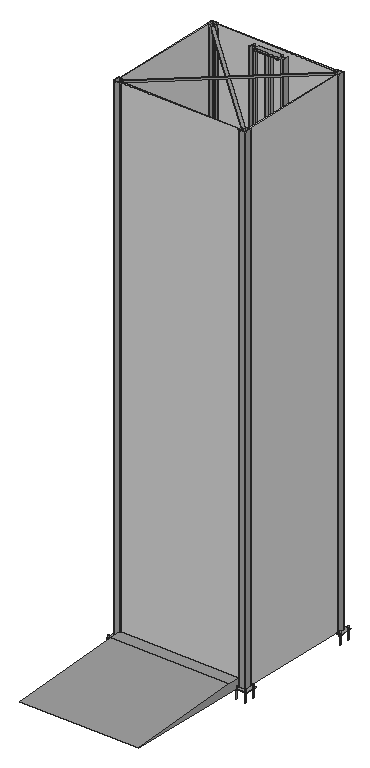
Revit family "SE_Trez_TC_T_1000_With_Ramp", category Specialty Equipment, Revit 2019
Family settings
  Round Connector Dimension = Use Diameter
  Part Type = Normal
  Work Plane-Based = No
  Always vertical = Yes
  Cut with Voids When Loaded = Yes
  Shared = No
  Room Calculation Point = No
Parameters (values of type "Platform-1800x1400mm with Door Height 2500mm")
  Side Clearance = 105.0 mm  # constant formula
  Safe Working Load = 1000.00 kg  # constant formula
  Safe Space = if(Cabin or Platform = Cabin, 900.0 mm, if(and(Cabin or Platform = Platform, Door Clear Height > 1900.0 mm), 600.0 mm, 0.0 mm))  # 600.0 mm
  Platform = Speciality_Equipment_Trez_Platform_Sgl_C : Platform
  Door Clear Width = Real Width  # 1800.0 mm
  Door Clear Height = 2500.0 mm
  D-Side = yes
  Clear Width = 1800.0 mm
  URL = "https://trez.bg/en/products/goods-only-lift-tc/tc-t-tower/"
  Tower Width = Real Width + 2 * Side Clearance  # 2010.0 mm
  Tower Depth = Real Depth + Side Clearance + Clearance  # 1870.0 mm
  Tower Cladding Material = TREZ_Steel_Cladding
  Real Width = if(Clear Width < 850.0 mm, 850.0 mm, if(Clear Width > 1800.0 mm, 1800.0 mm, Clear Width))  # 1800.0 mm
  Real Depth = if(Clear Depth < 850.0 mm, 850.0 mm, if(Clear Depth > 1400.0 mm, 1400.0 mm, Clear Depth))  # 1400.0 mm
  Profiles Material = TREZ_Steel
  Platform Material = TREZ_Steel
  Ramp Height = 120.0 mm  # constant formula
  Travel = 4500.0 mm
  Rail Height = Travel + Headroom  # 7600.0 mm
  Model = "TC T 1000"
  Manufacturer = "TREZ Ltd."
  Headroom = Door Clear Height + Safe Space  # 3100.0 mm
  Description = "TC T is the best choice when the budget is small, but the safety requirements are high. TC T is not fixed forever to the building. It can be installed directly on the ground floor and later dismounted and installed in another place. The TC T complies with the machinery directive 2006/42/EC. From the menu below, you can choose the lift and the tower options to fit perfectly for your project."  # constant formula
  Clear Depth = 1400.0 mm
  Created By URL = "https://all1studio.com/"
  Created By = "All 1 Studio Ltd."
  Clearance = 365.0 mm  # constant formula
  Cabin or Platform = Speciality_Equipment_Trez_Platform_Sgl_C : Platform
  Cabin = Speciality_Equipment_Trez_Cabin_Sgl_C : Cabin
  C-Side = 1 = 1  # yes
  B-Side = yes
  A-Side = no
Reference planes
  plane 1 "Center (Front/Back)": y = 0
  plane 2: z = 0
  plane 3 "Center (Left/Right)": x = 0
  plane 4: x = -900
  plane 5: x = 900
  plane 6: y = 700
  plane 7: y = -700
  plane 8: x = 1005
  plane 9: y = 1065
  plane 10: x = -1005
  plane 11: y = -805
  plane 12: x = 950
  plane 13: x = -950
  plane 14: y = 1010
  plane 15: y = -750
  plane 16: z = 4500
  plane 17 "Top of Lift": z = 7600
  plane 18 "Ramp": z = 120
  plane 19: x = -958.5
  plane 20: x = 958.5
  plane 21: x = -989.032
  plane 22: x = -971.032
  plane 23: y = 1049
  plane 24: y = 1031
  plane 25: x = 989
  plane 26: x = 971
  plane 27: y = -789
  plane 28: y = -771
  plane 29: x = -1065
  plane 30: y = 1125
  plane 31: x = 1065
  plane 32: y = -865
  plane 33: z = 7540
  plane 34: z = 40
  plane 35: z = -145
  plane 36: y = 878.5
  plane 37: y = 1275
  plane 38: x = -900
  plane 39: y = -700
  plane 40: x = 900
  plane 41: y = 960
Forms (mm)
  Extrusion 1, solid, material "TREZ_Steel_Cladding" <- "Tower Cladding Material", detail levels coarse+medium
    sketch origin (0, 0, 0) x (1, 0, 0) y (0, 1, 0)
      loop
        line (-1005, -805) -> (-900, -805) -> (-900, -789) -> (900, -789) -> (900, -805) -> (1005, -805) -> (1005, -700) -> (989, -700) -> (989, 960) -> (1005, 960) -> (1005, 1065) -> (900, 1065) -> (900, 1049) -> (-900, 1049) -> (-900, 1065) -> (-1005, 1065) -> (-1005, 960) -> (-989.032, 960) -> (-989.032, -700) -> (-1005, -700) -> (-1005, -805)
      loop
        line (-950, -750) -> (-900, -750) -> (-900, -771) -> (900, -771) -> (900, -750) -> (950, -750) -> (950, -700) -> (971, -700) -> (971, 960) -> (950, 960) -> (950, 1010) -> (900, 1010) -> (900, 1031) -> (-900, 1031) -> (-900, 1010) -> (-950, 1010) -> (-950, 960) -> (-971.032, 960) -> (-971.032, -700) -> (-950, -700) -> (-950, -750)
    from 0 to 7600
  Extrusion 2, solid, material "TREZ_Steel" <- "Profiles Material", detail levels fine
    sketch origin (0, 0, 0) x (1, 0, 0) y (0, 1, 0)
      loop
        arc (-1005, -798) -> (-1002.95, -802.95) -> (-998, -805) r 7
        line (-998, -805) -> (-907, -805)
        arc (-907, -805) -> (-902.05, -802.95) -> (-900, -798) r 7
        line (-900, -798) -> (-900, -757)
        arc (-900, -757) -> (-902.05, -752.05) -> (-907, -750) r 7
        line (-907, -750) -> (-943, -750)
        arc (-943, -750) -> (-947.95, -747.95) -> (-950, -743) r 7
        line (-950, -743) -> (-950, -707)
        arc (-950, -707) -> (-952.05, -702.05) -> (-957, -700) r 7
        line (-957, -700) -> (-998, -700)
        arc (-998, -700) -> (-1002.95, -702.05) -> (-1005, -707) r 7
        line (-1005, -707) -> (-1005, -798)
      loop
        line (-903, -798) -> (-903, -757)
        arc (-903, -757) -> (-904.172, -754.172) -> (-907, -753) r 4
        line (-907, -753) -> (-943, -753)
        arc (-943, -753) -> (-950.071, -750.071) -> (-953, -743) r 10
        line (-953, -743) -> (-953, -707)
        arc (-953, -707) -> (-954.172, -704.172) -> (-957, -703) r 4
        line (-957, -703) -> (-998, -703)
        arc (-998, -703) -> (-1000.828, -704.172) -> (-1002, -707) r 4
        line (-1002, -707) -> (-1002, -798)
        arc (-1002, -798) -> (-1000.828, -800.828) -> (-998, -802) r 4
        line (-998, -802) -> (-907, -802)
        arc (-907, -802) -> (-904.172, -800.828) -> (-903, -798) r 4
      loop
        line (1005, -798) -> (1005, -707)
        arc (1005, -707) -> (1002.95, -702.05) -> (998, -700) r 7
        line (998, -700) -> (957, -700)
        arc (957, -700) -> (952.05, -702.05) -> (950, -707) r 7
        line (950, -707) -> (950, -743)
        arc (950, -743) -> (947.95, -747.95) -> (943, -750) r 7
        line (943, -750) -> (907, -750)
        arc (907, -750) -> (902.05, -752.05) -> (900, -757) r 7
        line (900, -757) -> (900, -798)
        arc (900, -798) -> (902.05, -802.95) -> (907, -805) r 7
        line (907, -805) -> (998, -805)
        arc (998, -805) -> (1002.95, -802.95) -> (1005, -798) r 7
      loop
        arc (903, -798) -> (904.172, -800.828) -> (907, -802) r 4
        line (907, -802) -> (998, -802)
        arc (998, -802) -> (1000.828, -800.828) -> (1002, -798) r 4
        line (1002, -798) -> (1002, -707)
        arc (1002, -707) -> (1000.828, -704.172) -> (998, -703) r 4
        line (998, -703) -> (957, -703)
        arc (957, -703) -> (954.172, -704.172) -> (953, -707) r 4
        line (953, -707) -> (953, -743)
        arc (953, -743) -> (950.071, -750.071) -> (943, -753) r 10
        line (943, -753) -> (907, -753)
        arc (907, -753) -> (904.172, -754.172) -> (903, -757) r 4
        line (903, -757) -> (903, -798)
      loop
        line (-1005, 1058) -> (-1005, 967)
        arc (-1005, 967) -> (-1002.95, 962.05) -> (-998, 960) r 7
        line (-998, 960) -> (-957, 960)
        arc (-957, 960) -> (-952.05, 962.05) -> (-950, 967) r 7
        line (-950, 967) -> (-950, 1003)
        arc (-950, 1003) -> (-947.95, 1007.95) -> (-943, 1010) r 7
        line (-943, 1010) -> (-907, 1010)
        arc (-907, 1010) -> (-902.05, 1012.05) -> (-900, 1017) r 7
        line (-900, 1017) -> (-900, 1058)
        arc (-900, 1058) -> (-902.05, 1062.95) -> (-907, 1065) r 7
        line (-907, 1065) -> (-998, 1065)
        arc (-998, 1065) -> (-1002.95, 1062.95) -> (-1005, 1058) r 7
      loop
        arc (-903, 1058) -> (-904.172, 1060.828) -> (-907, 1062) r 4
        line (-907, 1062) -> (-998, 1062)
        arc (-998, 1062) -> (-1000.828, 1060.828) -> (-1002, 1058) r 4
        line (-1002, 1058) -> (-1002, 967)
        arc (-1002, 967) -> (-1000.828, 964.172) -> (-998, 963) r 4
        line (-998, 963) -> (-957, 963)
        arc (-957, 963) -> (-954.172, 964.172) -> (-953, 967) r 4
        line (-953, 967) -> (-953, 1003)
        arc (-953, 1003) -> (-950.071, 1010.071) -> (-943, 1013) r 10
        line (-943, 1013) -> (-907, 1013)
        arc (-907, 1013) -> (-904.172, 1014.172) -> (-903, 1017) r 4
        line (-903, 1017) -> (-903, 1058)
      loop
        arc (1005, 1058) -> (1002.95, 1062.95) -> (998, 1065) r 7
        line (998, 1065) -> (907, 1065)
        arc (907, 1065) -> (902.05, 1062.95) -> (900, 1058) r 7
        line (900, 1058) -> (900, 1017)
        arc (900, 1017) -> (902.05, 1012.05) -> (907, 1010) r 7
        line (907, 1010) -> (943, 1010)
        arc (943, 1010) -> (947.95, 1007.95) -> (950, 1003) r 7
        line (950, 1003) -> (950, 967)
        arc (950, 967) -> (952.05, 962.05) -> (957, 960) r 7
        line (957, 960) -> (998, 960)
        arc (998, 960) -> (1002.95, 962.05) -> (1005, 967) r 7
        line (1005, 967) -> (1005, 1058)
      loop
        line (903, 1058) -> (903, 1017)
        arc (903, 1017) -> (904.172, 1014.172) -> (907, 1013) r 4
        line (907, 1013) -> (943, 1013)
        arc (943, 1013) -> (950.071, 1010.071) -> (953, 1003) r 10
        line (953, 1003) -> (953, 967)
        arc (953, 967) -> (954.172, 964.172) -> (957, 963) r 4
        line (957, 963) -> (998, 963)
        arc (998, 963) -> (1000.828, 964.172) -> (1002, 967) r 4
        line (1002, 967) -> (1002, 1058)
        arc (1002, 1058) -> (1000.828, 1060.828) -> (998, 1062) r 4
        line (998, 1062) -> (907, 1062)
        arc (907, 1062) -> (904.172, 1060.828) -> (903, 1058) r 4
    from 5 to 7600
  Extrusion 3, solid, material "TREZ_Steel_Cladding" <- "Tower Cladding Material", detail levels fine
    sketch origin (0, 0, 0) x (1, 0, 0) y (0, 1, 0)
      loop
        line (989, 960) -> (971, 960) -> (971, -700) -> (989, -700) -> (989, 960)
      loop
        line (900, 1049) -> (-900, 1049) -> (-900, 1031) -> (900, 1031) -> (900, 1049)
      loop
        line (900, -771) -> (-900, -771) -> (-900, -789) -> (900, -789) -> (900, -771)
      loop
        line (-971.032, -700) -> (-971.032, 960) -> (-989.032, 960) -> (-989.032, -700) -> (-971.032, -700)
    from 0 to 7600
  Extrusion 4, solid, material "TREZ_Steel" <- "Profiles Material", detail levels fine
    sketch origin (0, 0, 0) x (1, 0, 0) y (0, 1, 0)
      loop
        arc (-887, -865) -> (-882.05, -862.95) -> (-880, -858) r 7
        line (-880, -858) -> (-880, -805) -> (-900, -805) -> (-900, -750) -> (-950, -750) -> (-950, -700) -> (-1005, -700) -> (-1005, -680) -> (-1058, -680)
        arc (-1058, -680) -> (-1062.95, -682.05) -> (-1065, -687) r 7
        line (-1065, -687) -> (-1065, -858)
        arc (-1065, -858) -> (-1062.95, -862.95) -> (-1058, -865) r 7
        line (-1058, -865) -> (-887, -865)
      loop
        line (887, -865) -> (1058, -865)
        arc (1058, -865) -> (1062.95, -862.95) -> (1065, -858) r 7
        line (1065, -858) -> (1065, -687)
        arc (1065, -687) -> (1062.95, -682.05) -> (1058, -680) r 7
        line (1058, -680) -> (1005, -680) -> (1005, -700) -> (950, -700) -> (950, -750) -> (900, -750) -> (900, -805) -> (880, -805) -> (880, -858)
        arc (880, -858) -> (882.05, -862.95) -> (887, -865) r 7
      loop
        line (-887, 1125) -> (-1058, 1125)
        arc (-1058, 1125) -> (-1062.95, 1122.95) -> (-1065, 1118) r 7
        line (-1065, 1118) -> (-1065, 947)
        arc (-1065, 947) -> (-1062.95, 942.05) -> (-1058, 940) r 7
        line (-1058, 940) -> (-1005, 940) -> (-1005, 960) -> (-950, 960) -> (-950, 1010) -> (-900, 1010) -> (-900, 1065) -> (-880, 1065) -> (-880, 1118)
        arc (-880, 1118) -> (-882.05, 1122.95) -> (-887, 1125) r 7
      loop
        arc (887, 1125) -> (882.05, 1122.95) -> (880, 1118) r 7
        line (880, 1118) -> (880, 1065) -> (900, 1065) -> (900, 1010) -> (950, 1010) -> (950, 960) -> (1005, 960) -> (1005, 940) -> (1058, 940)
        arc (1058, 940) -> (1062.95, 942.05) -> (1065, 947) r 7
        line (1065, 947) -> (1065, 1118)
        arc (1065, 1118) -> (1062.95, 1122.95) -> (1058, 1125) r 7
        line (1058, 1125) -> (887, 1125)
    from 5 to 0
  Sweep 5, solid, material "TREZ_Steel" <- "Profiles Material", detail levels fine
    path origin (0, 0, 7600) x (-1, 0, 0) y (0, -1, 0)
      loop
        line (950, 750) -> (-950, -1010)
    profile origin (0, 130, 7600) x (-0.679562, 0.733618, 0) y (0, 0, 1)
      loop
        line (15, 0) -> (-15, 0) -> (-15, -30) -> (15, -30) -> (15, 0)
  Sweep 6, solid, material "TREZ_Steel" <- "Profiles Material", detail levels fine
    path origin (0, 0, 7600) x (-1, 0, 0) y (0, -1, 0)
      loop
        line (950, -1010) -> (-950, 750)
    profile origin (0, 130, 7600) x (0.679562, 0.733618, 0) y (0, 0, 1)
      loop
        line (-15, -60) -> (15, -60) -> (15, -30) -> (-15, -30) -> (-15, -60)
  Extrusion 7, void
    sketch origin (0, 0, 7600) x (-1, 0, 0) y (0, -1, 0)
      loop
        arc (957, -705) -> (952.05, -707.05) -> (950, -712) r 7
        line (950, -712) -> (950, -1003)
        arc (950, -1003) -> (947.95, -1007.95) -> (943, -1010) r 7
        line (943, -1010) -> (907, -1010)
        arc (907, -1010) -> (902.05, -1012.05) -> (900, -1017) r 7
        line (900, -1017) -> (900, -1058)
        arc (900, -1058) -> (902.05, -1062.95) -> (907, -1065) r 7
        line (907, -1065) -> (998, -1065)
        arc (998, -1065) -> (1002.95, -1062.95) -> (1005, -1058) r 7
        line (1005, -1058) -> (1005, -712)
        arc (1005, -712) -> (1002.95, -707.05) -> (998, -705) r 7
        line (998, -705) -> (957, -705)
      loop
        arc (-900, -1017) -> (-902.05, -1012.05) -> (-907, -1010) r 7
        line (-907, -1010) -> (-943, -1010)
        arc (-943, -1010) -> (-947.95, -1007.95) -> (-950, -1003) r 7
        line (-950, -1003) -> (-950, -712)
        arc (-950, -712) -> (-952.05, -707.05) -> (-957, -705) r 7
        line (-957, -705) -> (-998, -705)
        arc (-998, -705) -> (-1002.95, -707.05) -> (-1005, -712) r 7
        line (-1005, -712) -> (-1005, -1058)
        arc (-1005, -1058) -> (-1002.95, -1062.95) -> (-998, -1065) r 7
        line (-998, -1065) -> (-907, -1065)
        arc (-907, -1065) -> (-902.05, -1062.95) -> (-900, -1058) r 7
        line (-900, -1058) -> (-900, -1017)
      loop
        arc (-957, 665) -> (-952.05, 667.05) -> (-950, 672) r 7
        line (-950, 672) -> (-950, 743)
        arc (-950, 743) -> (-947.95, 747.95) -> (-943, 750) r 7
        line (-943, 750) -> (-907, 750)
        arc (-907, 750) -> (-902.05, 752.05) -> (-900, 757) r 7
        line (-900, 757) -> (-900, 798)
        arc (-900, 798) -> (-902.05, 802.95) -> (-907, 805) r 7
        line (-907, 805) -> (-998, 805)
        arc (-998, 805) -> (-1002.95, 802.95) -> (-1005, 798) r 7
        line (-1005, 798) -> (-1005, 672)
        arc (-1005, 672) -> (-1002.95, 667.05) -> (-998, 665) r 7
        line (-998, 665) -> (-957, 665)
      loop
        arc (950, 672) -> (952.05, 667.05) -> (957, 665) r 7
        line (957, 665) -> (998, 665)
        arc (998, 665) -> (1002.95, 667.05) -> (1005, 672) r 7
        line (1005, 672) -> (1005, 798)
        arc (1005, 798) -> (1002.95, 802.95) -> (998, 805) r 7
        line (998, 805) -> (907, 805)
        arc (907, 805) -> (902.05, 802.95) -> (900, 798) r 7
        line (900, 798) -> (900, 757)
        arc (900, 757) -> (902.05, 752.05) -> (907, 750) r 7
        line (907, 750) -> (943, 750)
        arc (943, 750) -> (947.95, 747.95) -> (950, 743) r 7
        line (950, 743) -> (950, 672)
    from -60 to 0
  Extrusion 8, solid, material "TREZ_Steel" <- "Profiles Material", detail levels fine
    sketch origin (0, 0, 0) x (1, 0, 0) y (0, 1, 0)
      loop
        circle (-1040.697, -849.303) r 6
      loop
        circle (-895.697, -849.303) r 6
      loop
        circle (-1040.697, -704.303) r 6
      loop
        circle (1040.697, -849.303) r 6
      loop
        circle (895.697, -849.303) r 6
      loop
        circle (1040.697, -704.303) r 6
      loop
        circle (-1040.697, 1109.303) r 6
      loop
        circle (-895.697, 1109.303) r 6
      loop
        circle (-1040.697, 964.303) r 6
      loop
        circle (1040.697, 1109.303) r 6
      loop
        circle (895.697, 1109.303) r 6
      loop
        circle (1040.697, 964.303) r 6
    from -145 to 40
Cuts and joins
  Extrusion 7 cuts Sweep 5
  Extrusion 7 cuts Sweep 6
  joined: Extrusion 4, Extrusion 8
Lines and regions (mm)
  symbolic lines, style "Profiles"
    curve 1: line (-1005, 1065, 0) -> (-900, 1065, 0)
    curve 2: line (-900, 1065, 0) -> (-900, 1010, 0)
    curve 3: line (-900, 1010, 0) -> (-950, 1010, 0)
    curve 4: line (-950, 1010, 0) -> (-950, 960, 0)
    curve 5: line (-950, 960, 0) -> (-1005, 960, 0)
    curve 6: line (-1005, 960, 0) -> (-1005, 1065, 0)
    curve 7: line (900, 1065, 0) -> (1005, 1065, 0)
    curve 8: line (1005, 1065, 0) -> (1005, 960, 0)
    curve 9: line (1005, 960, 0) -> (950, 960, 0)
    curve 10: line (950, 960, 0) -> (950, 1010, 0)
    curve 11: line (950, 1010, 0) -> (900, 1010, 0)
    curve 12: line (900, 1010, 0) -> (900, 1065, 0)
    curve 13: line (-1005, -700, 0) -> (-950, -700, 0)
    curve 14: line (-950, -700, 0) -> (-950, -750, 0)
    curve 15: line (-950, -750, 0) -> (-900, -750, 0)
    curve 16: line (-900, -750, 0) -> (-900, -805, 0)
    curve 17: line (-900, -805, 0) -> (-1005, -805, 0)
    curve 18: line (-1005, -805, 0) -> (-1005, -700, 0)
    curve 19: line (900, -750, 0) -> (950, -750, 0)
    curve 20: line (950, -750, 0) -> (950, -700, 0)
    curve 21: line (950, -700, 0) -> (1005, -700, 0)
    curve 22: line (1005, -700, 0) -> (1005, -805, 0)
    curve 23: line (1005, -805, 0) -> (900, -805, 0)
    curve 24: line (900, -750, 0) -> (900, -805, 0)
    curve 25: line (989, 960, 0) -> (971, 960, 0)
    curve 26: line (989, -700, 0) -> (989, 960, 0)
    curve 27: line (971, -700, 0) -> (989, -700, 0)
    curve 28: line (971, 960, 0) -> (971, -700, 0)
    curve 29: line (900, -771, 0) -> (-900, -771, 0)
    curve 30: line (900, -789, 0) -> (900, -771, 0)
    curve 31: line (-900, -789, 0) -> (900, -789, 0)
    curve 32: line (-900, -771, 0) -> (-900, -789, 0)
    curve 33: line (-971.032, -700, 0) -> (-989.032, -700, 0)
    curve 34: line (-971.032, 960, 0) -> (-971.032, -700, 0)
    curve 35: line (-989.032, 960, 0) -> (-971.032, 960, 0)
    curve 36: line (-989.032, -700, 0) -> (-989.032, 960, 0)
    curve 37: line (-900, 1031, 0) -> (900, 1031, 0)
    curve 38: line (-900, 1049, 0) -> (-900, 1031, 0)
    curve 39: line (900, 1049, 0) -> (-900, 1049, 0)
    curve 40: line (900, 1031, 0) -> (900, 1049, 0)
  symbolic lines, style "Platform"
    curve 41: line (-900, 700, 0) -> (900, 700, 0)
    curve 42: line (-900, -700, 0) -> (-900, 700, 0)
    curve 43: line (900, -700, 0) -> (-900, -700, 0)
    curve 44: line (900, 700, 0) -> (900, -700, 0)
    curve 45: line (-900, 700, 0) -> (900, -700, 0)
    curve 46: line (900, 700, 0) -> (-900, -700, 0)
  model lines, style "Profiles", detail levels coarse+medium
    curve 47: line (-950, 1010, 7600) -> (950, -750, 7600)
    curve 48: line (950, 1010, 7600) -> (-950, -750, 7600)
Dimensions and locks
  equal spacing: plane 4, plane 3 "Center (Left/Right)", plane 5
  "Real Width": plane 4 to plane 5
  equal spacing: plane 7, plane 1 "Center (Front/Back)", plane 6
  "Real Depth": plane 7 to plane 6
  "Side Clearance": plane 7 to plane 11
  locked: plane 12 to plane 8 at 55
  locked: plane 10 to plane 13 at 55
  locked: plane 14 to plane 9 at 55
  locked: plane 15 to plane 11 at 55
  "Travel": plane 16 to level
  locked: plane 10 to plane 19 at 46.5
  locked: plane 20 to plane 8 at 46.5
  plane 10 to plane 21 to plane 22 = 15.968 mm locked, 18.0 mm locked
  plane 24 to plane 23 to plane 9 = 18.0 mm locked, 16.0 mm locked
  plane 26 to plane 25 to plane 8 = 18.0 mm locked, 16.0 mm locked
  plane 28 to plane 27 to plane 11 = 18.0 mm locked, 16.0 mm locked
  locked: plane 29 to plane 10 at 60
  locked: plane 9 to plane 30 at 60
  locked: plane 8 to plane 31 at 60
  locked: plane 11 to plane 32 at 60
  "Headroom": plane 17 "Top of Lift" to plane 16
  locked: plane 17 "Top of Lift" to plane 33 at 60
  locked: plane 34 to level at 40
  locked: level to plane 35 at 145
  "Clearance": plane 6 to plane 9
  locked: plane 36 to plane 9 at 186.5
  locked: plane 9 to plane 37 at 210
  "Side Clearance": plane 10 to plane 4
  "Side Clearance": plane 5 to plane 8
  locked: plane 10 to plane 38 at 105
  locked: plane 39 to plane 11 at 105
  locked: plane 40 to plane 8 at 105
  locked: plane 41 to plane 9 at 105
  plane 9 to plane 11 = 1870.0 mm
  plane 10 to plane 8 = 2010.0 mm
  "Ramp Height": plane 18 "Ramp" to level
  aligned and locked: level to plane 2
  aligned and locked: plane 10 to Extrusion 1 sketch curve
  aligned and locked: plane 13 to Extrusion 1 sketch curve
  aligned and locked: plane 17 "Top of Lift" to Extrusion 1
  aligned and locked: plane 1 "Center (Front/Back)" to nested 1
  aligned and locked: plane 3 "Center (Left/Right)" to nested 1
  aligned and locked: plane 17 "Top of Lift" to Extrusion 2
  aligned and locked: Extrusion 3 sketch curve to plane 25
  aligned and locked: plane 26 to Extrusion 3 sketch curve
  aligned and locked: Extrusion 3 sketch curve to plane 23
  aligned and locked: plane 24 to Extrusion 3 sketch curve
  aligned and locked: plane 28 to Extrusion 3 sketch curve
  aligned and locked: Extrusion 3 sketch curve to plane 27
  aligned and locked: Extrusion 3 sketch curve to plane 22
  aligned and locked: plane 21 to Extrusion 3 sketch curve
  aligned and locked: plane 17 "Top of Lift" to Extrusion 3
  aligned and locked: plane 14 to Sweep 5 sketch curve
  aligned and locked: plane 12 to Sweep 5 sketch curve
  aligned and locked: plane 13 to Sweep 5 sketch curve
  aligned and locked: plane 15 to Sweep 5 sketch curve
  aligned and locked: plane 12 to Sweep 6 sketch curve
  aligned and locked: plane 15 to Sweep 6 sketch curve
  aligned and locked: plane 14 to Sweep 6 sketch curve
  aligned and locked: plane 13 to Sweep 6 sketch curve
  aligned and locked: plane 33 to Extrusion 7
  aligned and locked: plane 17 "Top of Lift" to Extrusion 7
  aligned and locked: Extrusion 8 to plane 35
  aligned and locked: plane 34 to Extrusion 8
  aligned and locked: plane 16 to nested 1
  aligned and locked: nested 3 to plane 3 "Center (Left/Right)"
  aligned and locked: plane 36 to nested 3
  aligned and locked: nested 2 to plane 3 "Center (Left/Right)"
  aligned and locked: nested 2 to plane 37
  aligned and locked: plane 4 to curve 42
  aligned and locked: Extrusion 3 sketch curve to plane 40
  aligned and locked: nested 3 to level
  aligned and locked: nested 4 to plane 3 "Center (Left/Right)"
  aligned and locked: plane 27 to nested 4
Automatic sketch dimensions
  plane 9 to Extrusion 7 sketch curve = 0.0 mm  (x2)
  plane 14 to Extrusion 7 sketch curve = 0.0 mm  (x2)
  Extrusion 7 sketch curve to plane 13 = 0.0 mm  (x2)
  Extrusion 7 sketch curve to plane 10 = 0.0 mm  (x2)
  Extrusion 7 sketch curve to Extrusion 7 sketch curve = 7.0 mm  (x9)
  plane 13 to Extrusion 7 sketch curve = 43.0 mm
  Extrusion 7 sketch curve to Extrusion 7 sketch curve = 36.0 mm  (x2)
  plane 19 to Extrusion 7 sketch curve = 1.5 mm  (x2)
  plane 10 to Extrusion 7 sketch curve = 7.0 mm
  Extrusion 7 sketch curve to plane 6 = 12.0 mm
  Extrusion 7 sketch curve to plane 8 = 0.0 mm  (x2)
  Extrusion 7 sketch curve to plane 12 = 0.0 mm  (x2)
  Extrusion 7 sketch curve to plane 6 = 5.0 mm
  plane 8 to Extrusion 7 sketch curve = 7.0 mm  (x3)
  plane 20 to Extrusion 7 sketch curve = 1.5 mm  (x2)
  Extrusion 7 sketch curve to plane 14 = 7.0 mm
  Extrusion 7 sketch curve to plane 11 = 0.0 mm  (x2)
  Extrusion 7 sketch curve to plane 15 = 0.0 mm  (x2)
  plane 12 to Extrusion 7 sketch curve = 7.0 mm
  plane 11 to Extrusion 7 sketch curve = 7.0 mm  (x2)
  plane 12 to Extrusion 7 sketch curve = 43.0 mm
  Extrusion 7 sketch curve to plane 15 = 7.0 mm
  plane 7 to Extrusion 7 sketch curve = 35.0 mm  (x2)
  plane 13 to Extrusion 7 sketch curve = 50.0 mm
  plane 13 to Extrusion 7 sketch curve = 7.0 mm
  curve 47 to plane 12 = 0.0 mm
  curve 48 to plane 12 = 0.0 mm
  curve 48 to plane 13 = 0.0 mm
  curve 47 to plane 13 = 0.0 mm
  plane 14 to curve 48 = 0.0 mm
  plane 14 to curve 47 = 0.0 mm
  curve 48 to plane 15 = 0.0 mm
  curve 47 to plane 15 = 0.0 mm
  plane 17 "Top of Lift" to Sweep 5 sketch curve = 0.0 mm
  profile plane to Sweep 5 sketch curve = 15.0 mm
  Sweep 5 sketch curve to profile plane = 15.0 mm
  Sweep 5 sketch curve to Sweep 5 sketch curve = 30.0 mm
  profile plane to Sweep 6 sketch curve = 15.0 mm
  Sweep 6 sketch curve to profile plane = 15.0 mm
  Sweep 6 sketch curve to plane 17 "Top of Lift" = 60.0 mm
  Sweep 6 sketch curve to plane 17 "Top of Lift" = 30.0 mm
  Extrusion 2 sketch curve to Extrusion 2 sketch curve = 0.0 mm  (x48)
  Extrusion 2 sketch curve to plane 10 = 0.0 mm  (x2)
  Extrusion 2 sketch curve to plane 11 = 0.0 mm  (x2)
  plane 41 to Extrusion 2 sketch curve = 0.0 mm  (x2)
  plane 9 to Extrusion 2 sketch curve = 0.0 mm  (x2)
  plane 39 to Extrusion 2 sketch curve = 0.0 mm  (x2)
  Extrusion 2 sketch curve to plane 13 = 0.0 mm  (x2)
  plane 14 to Extrusion 2 sketch curve = 0.0 mm  (x2)
  Extrusion 2 sketch curve to plane 15 = 0.0 mm  (x2)
  Extrusion 2 sketch curve to plane 38 = 0.0 mm  (x2)
  Extrusion 2 sketch curve to plane 40 = 0.0 mm  (x2)
  Extrusion 2 sketch curve to plane 12 = 0.0 mm  (x2)
  Extrusion 2 sketch curve to plane 8 = 0.0 mm  (x2)
  Extrusion 2 sketch curve to Extrusion 2 sketch curve = 3.0 mm  (x2)
  plane 10 to Extrusion 2 sketch curve = 3.0 mm
  plane 10 to Extrusion 2 sketch curve = 7.0 mm  (x2)
  Extrusion 2 sketch curve to Extrusion 2 sketch curve = 4.0 mm  (x12)
  plane 19 to Extrusion 2 sketch curve = 1.5 mm  (x2)
  Extrusion 2 sketch curve to Extrusion 2 sketch curve = 7.0 mm  (x2)
  plane 13 to Extrusion 2 sketch curve = 7.0 mm
  Extrusion 2 sketch curve to plane 40 = 3.0 mm
  Extrusion 2 sketch curve to plane 40 = 7.0 mm
  plane 12 to Extrusion 2 sketch curve = 7.0 mm
  plane 20 to Extrusion 2 sketch curve = 1.5 mm  (x2)
  plane 8 to Extrusion 2 sketch curve = 7.0 mm
  plane 9 to curve 1 = 0.0 mm
  curve 1 to plane 10 = 0.0 mm
  curve 13 to plane 10 = 0.0 mm
  curve 35 to plane 21 = 0.0 mm
  curve 34 to plane 22 = 0.0 mm
  curve 5 to plane 13 = 0.0 mm
  curve 14 to plane 13 = 0.0 mm
  curve 16 to plane 15 = 0.0 mm
  curve 16 to plane 38 = 0.0 mm
  plane 23 to curve 38 = 0.0 mm
  curve 38 to plane 38 = 0.0 mm
  curve 32 to plane 27 = 0.0 mm
  curve 32 to plane 38 = 0.0 mm
  curve 1 to plane 38 = 0.0 mm
  curve 45 to plane 5 = 0.0 mm
  plane 24 to curve 40 = 0.0 mm
  curve 40 to plane 40 = 0.0 mm
  plane 9 to curve 7 = 0.0 mm
  curve 7 to plane 40 = 0.0 mm
  curve 24 to plane 11 = 0.0 mm
  curve 24 to plane 40 = 0.0 mm
  curve 29 to plane 28 = 0.0 mm
  curve 29 to plane 40 = 0.0 mm
  curve 19 to plane 12 = 0.0 mm
  curve 10 to plane 12 = 0.0 mm
  curve 25 to plane 26 = 0.0 mm
  curve 26 to plane 25 = 0.0 mm
  curve 22 to plane 8 = 0.0 mm
  curve 7 to plane 8 = 0.0 mm
  curve 16 to plane 11 = 0.0 mm
  curve 19 to plane 15 = 0.0 mm
  plane 39 to curve 13 = 0.0 mm
  plane 39 to curve 26 = 0.0 mm
  plane 39 to curve 33 = 0.0 mm
  plane 39 to curve 22 = 0.0 mm
  plane 41 to curve 25 = 0.0 mm
  plane 41 to curve 10 = 0.0 mm
  plane 41 to curve 36 = 0.0 mm
  plane 41 to curve 4 = 0.0 mm
  plane 14 to curve 12 = 0.0 mm
  plane 14 to curve 4 = 0.0 mm
  Extrusion 1 sketch curve to plane 10 = 0.0 mm
  Extrusion 1 sketch curve to plane 21 = 0.0 mm
  Extrusion 1 sketch curve to plane 22 = 0.0 mm
  Extrusion 1 sketch curve to plane 13 = 0.0 mm
  Extrusion 1 sketch curve to plane 15 = 0.0 mm  (x2)
  Extrusion 1 sketch curve to plane 38 = 0.0 mm  (x4)
  plane 24 to Extrusion 1 sketch curve = 0.0 mm
  Extrusion 1 sketch curve to plane 11 = 0.0 mm  (x2)
  plane 9 to Extrusion 1 sketch curve = 0.0 mm  (x2)
  Extrusion 1 sketch curve to plane 40 = 0.0 mm  (x4)
  plane 23 to Extrusion 1 sketch curve = 0.0 mm
  Extrusion 1 sketch curve to plane 12 = 0.0 mm  (x2)
  Extrusion 1 sketch curve to plane 26 = 0.0 mm
  Extrusion 1 sketch curve to plane 25 = 0.0 mm
  Extrusion 1 sketch curve to plane 8 = 0.0 mm  (x2)
  Extrusion 1 sketch curve to plane 27 = 0.0 mm
  Extrusion 1 sketch curve to plane 28 = 0.0 mm
  plane 39 to Extrusion 1 sketch curve = 0.0 mm  (x4)
  plane 41 to Extrusion 1 sketch curve = 0.0 mm  (x4)
  plane 14 to Extrusion 1 sketch curve = 0.0 mm  (x2)
  Extrusion 4 sketch curve to plane 29 = 0.0 mm  (x2)
  plane 30 to Extrusion 4 sketch curve = 0.0 mm  (x2)
  Extrusion 4 sketch curve to plane 32 = 0.0 mm  (x2)
  Extrusion 4 sketch curve to plane 10 = 0.0 mm  (x2)
  Extrusion 4 sketch curve to plane 13 = 0.0 mm  (x2)
  Extrusion 4 sketch curve to plane 11 = 0.0 mm  (x2)
  Extrusion 4 sketch curve to plane 38 = 0.0 mm  (x2)
  plane 14 to Extrusion 4 sketch curve = 0.0 mm  (x2)
  plane 9 to Extrusion 4 sketch curve = 0.0 mm  (x2)
  Extrusion 4 sketch curve to plane 40 = 0.0 mm  (x2)
  Extrusion 4 sketch curve to plane 15 = 0.0 mm  (x2)
  Extrusion 4 sketch curve to plane 12 = 0.0 mm  (x2)
  Extrusion 4 sketch curve to plane 8 = 0.0 mm  (x2)
  Extrusion 4 sketch curve to plane 31 = 0.0 mm  (x2)
  plane 39 to Extrusion 4 sketch curve = 0.0 mm  (x2)
  plane 41 to Extrusion 4 sketch curve = 0.0 mm  (x2)
  Extrusion 4 sketch curve to Extrusion 4 sketch curve = 7.0 mm  (x3)
  plane 29 to Extrusion 4 sketch curve = 7.0 mm  (x3)
  plane 38 to Extrusion 4 sketch curve = 13.0 mm  (x2)
  Extrusion 4 sketch curve to Extrusion 4 sketch curve = 20.0 mm  (x3)
  plane 40 to Extrusion 4 sketch curve = 20.0 mm
  plane 31 to Extrusion 4 sketch curve = 7.0 mm  (x4)
  Extrusion 4 sketch curve to plane 39 = 13.0 mm  (x2)
  plane 41 to Extrusion 4 sketch curve = 20.0 mm  (x2)
  plane 29 to Extrusion 8 sketch curve = 24.303 mm  (x4)
  plane 39 to Extrusion 8 sketch curve = 4.303 mm  (x2)
  Extrusion 8 sketch curve to plane 41 = 4.303 mm  (x2)
  plane 38 to Extrusion 8 sketch curve = 4.303 mm  (x2)
  plane 40 to Extrusion 8 sketch curve = 4.303 mm  (x2)
  plane 31 to Extrusion 8 sketch curve = 24.303 mm  (x4)
  plane 32 to Extrusion 8 sketch curve = 15.697 mm  (x4)
  plane 30 to Extrusion 8 sketch curve = 15.697 mm  (x4)
  Extrusion 3 sketch curve to plane 4 = 0.0 mm  (x2)
  Extrusion 3 sketch curve to plane 5 = 0.0 mm
  Extrusion 3 sketch curve to plane 7 = 0.0 mm  (x2)
  plane 41 to Extrusion 3 sketch curve = 0.0 mm  (x2)
  plane 6 to curve 46 = 0.0 mm
  curve 42 to plane 7 = 0.0 mm
  radius of Extrusion 8 sketch curve = 6.0 mm  (x12)
Nested families
  nested 1: "Speciality_Equipment_Trez_Platform_Sgl_C" at (0, 0, 4500), type <- "Cabin or Platform", type "Platform"
    with Width 1800.0 mm, Depth 1400.0 mm, D-Side yes, B-Side yes
  nested 2: "Electrical_Equpment_Trez_Cabinet" at (0, 1275, 0) x (-1, 0, 0) z (0, 0, 1), type "Cabinet"
  nested 3: "Generic_Model_Trez_Rails_Sgl_C" at (0, 878.5, 0) x (0, -1, 0) z (0, 0, 1), type "Rails"
    with Height 7600.0 mm
  nested 4: "Generic_Model_Trez_Ramp" at (0, -889, 0), type "4 Degree Ramp"
    with Ramp Width 1800.0 mm
Definition of nested family "Speciality_Equipment_Trez_Platform_Sgl_C"
  Parameters (values of type "Platform")
    Width = 1300.0 mm
    Platform Material = none
    Depth = 1000.0 mm
    D-Side = no
    C-Side = yes
    B-Side = no
    A-Side = no
  Reference planes
    plane 1 "Center (Front/Back)": y = 0
    plane 2 "Bottom": z = 0
    plane 3 "Center (Left/Right)": x = 0
    plane 4: x = 650
    plane 5: x = -650
    plane 6: y = 500
    plane 7: y = -500
    plane 8: y = 535
    plane 9: z = -89
    plane 10: z = 709
    plane 11: x = -685
    plane 12: x = 685
    plane 13: y = -535
  Forms (mm)
    Extrusion 1, solid, material <- "Platform Material", visible <- "C-Side"
      sketch origin (0, 0, 0) x (1, 0, 0) y (0, 1, 0)
        loop
          line (-650, 535) -> (-650, 500) -> (650, 500) -> (650, 535) -> (-650, 535)
      from -89 to 709
    Extrusion 2, solid, material <- "Platform Material", detail levels coarse+medium
      sketch origin (0, 0, 0) x (1, 0, 0) y (0, 0, 1)
        loop
          line (-650, 0) -> (-650, -89) -> (650, -89) -> (650, 0) -> (-650, 0)
      from -500 to 500
    Extrusion 3, solid, material <- "Platform Material", detail levels fine
      sketch origin (0, 0, 0) x (1, 0, 0) y (0, 0, 1)
        loop
          line (-650, 0) -> (-650, -74)
          arc (-650, -74) -> (-645.607, -84.607) -> (-635, -89) r 15
          line (-635, -89) -> (635, -89)
          arc (635, -89) -> (645.607, -84.607) -> (650, -74) r 15
          line (650, -74) -> (650, 0) -> (-650, 0)
      from -500 to 500
    Extrusion 4, solid, material <- "Platform Material", visible <- "A-Side"
      sketch origin (0, -1035, 0) x (1, 0, 0) y (0, 1, 0)
        loop
          line (-650, 535) -> (-650, 500) -> (650, 500) -> (650, 535) -> (-650, 535)
      from -89 to 709
    Extrusion 5, solid, material <- "Platform Material", visible <- "D-Side"
      sketch origin (31.413, 20.624, 0) x (0, -1, 0) y (1, 0, 0)
        loop
          line (-514.376, 653.587) -> (-514.376, 618.587) -> (555.624, 618.587) -> (555.624, 653.587) -> (-514.376, 653.587)
      from -89 to 709
    Extrusion 6, solid, material <- "Platform Material", visible <- "B-Side"
      sketch origin (-1003.587, 20.624, 0) x (0, -1, 0) y (1, 0, 0)
        loop
          line (-514.376, 353.587) -> (-514.376, 318.587) -> (555.624, 318.587) -> (555.624, 353.587) -> (-514.376, 353.587)
      from -89 to 709
  Dimensions and locks
    equal spacing: plane 5, plane 3 "Center (Left/Right)", plane 4
    "Width": plane 5 to plane 4
    equal spacing: plane 7, plane 1 "Center (Front/Back)", plane 6
    "Depth": plane 6 to plane 7
    locked: plane 8 to plane 6 at 35
    locked: plane 2 "Bottom" to plane 9 at 89
    locked: plane 10 to plane 2 "Bottom" at 709
    locked: plane 11 to plane 5 at 35
    locked: plane 4 to plane 12 at 35
    locked: plane 13 to plane 7 at 35
    aligned and locked: level to plane 2 "Bottom"
    aligned and locked: Extrusion 1 sketch curve to plane 8
    aligned and locked: Extrusion 2 sketch curve to plane 2 "Bottom"
    aligned and locked: Extrusion 2 sketch curve to plane 9
    aligned and locked: plane 6 to Extrusion 2
    aligned and locked: plane 7 to Extrusion 2
    aligned and locked: Extrusion 3 sketch curve to plane 2 "Bottom"
    aligned and locked: Extrusion 3 sketch curve to plane 9
    aligned and locked: plane 7 to Extrusion 3
    aligned and locked: plane 6 to Extrusion 3
    aligned and locked: Extrusion 1 to plane 9
    aligned and locked: plane 5 to Extrusion 3
    aligned and locked: plane 5 to Extrusion 2
    aligned and locked: plane 5 to Extrusion 1
    aligned and locked: plane 4 to Extrusion 3
    aligned and locked: plane 4 to Extrusion 2
    aligned and locked: plane 4 to Extrusion 1
    aligned and locked: Extrusion 4 to plane 7
    aligned and locked: plane 13 to Extrusion 4
    aligned and locked: plane 4 to Extrusion 4
    aligned and locked: plane 5 to Extrusion 4
    aligned and locked: plane 12 to Extrusion 5
    aligned and locked: Extrusion 5 to plane 4
    aligned and locked: plane 8 to Extrusion 5
    aligned and locked: plane 13 to Extrusion 5
    aligned and locked: plane 11 to Extrusion 6
    aligned and locked: Extrusion 6 to plane 5
    aligned and locked: plane 8 to Extrusion 6
    aligned and locked: plane 13 to Extrusion 6
  Automatic sketch dimensions
    Extrusion 1 sketch curve to plane 5 = 0.0 mm
    Extrusion 1 sketch curve to plane 4 = 0.0 mm
    Extrusion 1 sketch curve to plane 6 = 0.0 mm
    plane 5 to Extrusion 2 sketch curve = 0.0 mm
    Extrusion 2 sketch curve to plane 4 = 0.0 mm
    plane 5 to Extrusion 3 sketch curve = 0.0 mm
    Extrusion 3 sketch curve to plane 4 = 0.0 mm
    Extrusion 3 sketch curve to plane 5 = 15.0 mm
    Extrusion 3 sketch curve to plane 4 = 15.0 mm
    Extrusion 4 sketch curve to plane 5 = 0.0 mm
    Extrusion 4 sketch curve to plane 4 = 0.0 mm
    plane 13 to Extrusion 4 sketch curve = 0.0 mm
    plane 7 to Extrusion 4 sketch curve = 0.0 mm
    plane 8 to Extrusion 5 sketch curve = 0.0 mm
    plane 13 to Extrusion 5 sketch curve = 0.0 mm
    Extrusion 5 sketch curve to plane 12 = 35.0 mm
    Extrusion 5 sketch curve to Extrusion 5 sketch curve = 35.0 mm
    plane 8 to Extrusion 6 sketch curve = 0.0 mm
    plane 13 to Extrusion 6 sketch curve = 0.0 mm
    Extrusion 6 sketch curve to plane 12 = 1370.0 mm
    Extrusion 6 sketch curve to Extrusion 6 sketch curve = 35.0 mm
Definition of nested family "Electrical_Equpment_Trez_Cabinet"
  Parameters (values of type "SE_Trez_Cabinet")
    Width = 584.0 mm
    Depth = 348.0 mm
    Cabinet Material = none
  Reference planes
    plane 1 "Center (Front/Back)": y = 0
    plane 2: z = 0
    plane 3 "Center (Left/Right)": x = 0
    plane 4: x = -292
    plane 5: x = 292
    plane 6: y = 174
    plane 7: y = -174
    plane 8: z = 100
    plane 9: z = 1000
    plane 10: x = -257
    plane 11: x = 257
  Forms (mm)
    Extrusion 1, solid, material <- "Cabinet Material", detail levels fine
      sketch origin (0, 0, 0) x (1, 0, 0) y (0, 1, 0)
        loop
          line (-292, 174) -> (-292, -174) -> (292, -174) -> (292, 174) -> (-292, 174)
      from 100 to 1000
    Extrusion 2, solid, material <- "Cabinet Material", detail levels fine
      sketch origin (0, 0, 0) x (1, 0, 0) y (0, 1, 0)
        loop
          line (-257, 174) -> (-292, 174) -> (-292, -174) -> (-257, -174) -> (-257, 174)
        loop
          line (257, 174) -> (257, -174) -> (292, -174) -> (292, 174) -> (257, 174)
      from 0 to 100
    Extrusion 3, solid, detail levels coarse+medium
      sketch origin (0, 0, 0) x (1, 0, 0) y (0, 1, 0)
        loop
          line (-292, 174) -> (-292, -174) -> (292, -174) -> (292, 174) -> (-292, 174)
      from 0 to 1000
  Lines and regions (mm)
    symbolic lines
      curve 1: line (-292, 174, 0) -> (292, 174, 0)
      curve 2: line (-292, -174, 0) -> (-292, 174, 0)
      curve 3: line (292, -174, 0) -> (-292, -174, 0)
      curve 4: line (292, 174, 0) -> (292, -174, 0)
  Dimensions and locks
    equal spacing: plane 4, plane 3 "Center (Left/Right)", plane 5
    "Width": plane 4 to plane 5
    equal spacing: plane 7, plane 1 "Center (Front/Back)", plane 6
    "Depth": plane 7 to plane 6
    plane 9 to plane 8 to plane 2 = 900.0 mm locked, 100.0 mm locked
    aligned and locked: level to plane 2
    aligned and locked: plane 6 to Extrusion 1 sketch curve
    aligned and locked: plane 4 to Extrusion 1 sketch curve
    aligned and locked: plane 7 to Extrusion 1 sketch curve
    aligned and locked: plane 5 to Extrusion 1 sketch curve
    aligned and locked: plane 9 to Extrusion 1
    aligned and locked: Extrusion 1 to plane 8
    aligned and locked: Extrusion 2 sketch curve to plane 6
    aligned and locked: plane 10 to Extrusion 2 sketch curve
    aligned and locked: Extrusion 2 sketch curve to Extrusion 1  (x4)
    aligned and locked: plane 6 to Extrusion 2 sketch curve
    aligned and locked: Extrusion 2 sketch curve to plane 11
    aligned and locked: plane 8 to Extrusion 2
    aligned and locked: Extrusion 2 to level
    aligned and locked: Extrusion 3 sketch curve to Extrusion 1  (x4)
    aligned and locked: Extrusion 3 to plane 2
    aligned and locked: plane 9 to Extrusion 3
    aligned and locked: curve 1 to Extrusion 1
    aligned and locked: curve 2 to Extrusion 1
    aligned and locked: curve 3 to Extrusion 1
    aligned and locked: curve 4 to Extrusion 1
Definition of nested family "Generic_Model_Trez_Rails_Sgl_C"
  Parameters (values of type "Rails")
    Profiles Material = none
    Height = 7720.0 mm
  Reference planes
    plane 1 "Center (Front/Back)": y = 0
    plane 2: z = 0
    plane 3 "Center (Left/Right)": x = 0
    plane 4: x = 87.2
    plane 5: x = -87.2
    plane 6: y = 350
    plane 7: y = -350
    plane 8: z = 7720
    plane 9: z = 15
    plane 10: z = 7685
    plane 11: z = -95
  Forms (mm)
    Extrusion 1, solid, material <- "Profiles Material", detail levels fine
      sketch origin (0, 0, 0) x (1, 0, 0) y (0, 1, 0)
        loop
          line (77.2, 350) -> (-77.2, 350)
          arc (-77.2, 350) -> (-84.271, 347.071) -> (-87.2, 340) r 10
          line (-87.2, 340) -> (-87.2, -340)
          arc (-87.2, -340) -> (-84.271, -347.071) -> (-77.2, -350) r 10
          line (-77.2, -350) -> (77.2, -350)
          arc (77.2, -350) -> (84.271, -347.071) -> (87.2, -340) r 10
          line (87.2, -340) -> (87.2, 340)
          arc (87.2, 340) -> (84.271, 347.071) -> (77.2, 350) r 10
      from 0 to 15
    Extrusion 2, solid, material <- "Profiles Material", detail levels fine
      sketch origin (0, 0, 0) x (1, 0, 0) y (0, 1, 0)
        loop
          line (-61.5, -260) -> (28.5, -260) -> (28.5, -252) -> (-3.5, -252)
          arc (-3.5, -252) -> (-7.036, -250.536) -> (-8.5, -247) r 5
          line (-8.5, -247) -> (-8.5, -185) -> (-24.5, -185) -> (-24.5, -247)
          arc (-24.5, -247) -> (-25.964, -250.536) -> (-29.5, -252) r 5
          line (-29.5, -252) -> (-61.5, -252) -> (-61.5, -260)
        loop
          line (-37.94, -40) -> (-1.94, -40)
          arc (-1.94, -40) -> (8.667, -35.607) -> (13.06, -25) r 15
          line (13.06, -25) -> (13.06, 25)
          arc (13.06, 25) -> (8.667, 35.607) -> (-1.94, 40) r 15
          line (-1.94, 40) -> (-37.94, 40) -> (-37.94, -40)
        loop
          line (-61.5, 260) -> (-61.5, 252) -> (-29.5, 252)
          arc (-29.5, 252) -> (-25.964, 250.536) -> (-24.5, 247) r 5
          line (-24.5, 247) -> (-24.5, 185) -> (-8.5, 185) -> (-8.5, 247)
          arc (-8.5, 247) -> (-7.036, 250.536) -> (-3.5, 252) r 5
          line (-3.5, 252) -> (28.5, 252) -> (28.5, 260) -> (-61.5, 260)
      from 15 to 7720
    Extrusion 3, solid, material <- "Profiles Material", detail levels fine
      sketch origin (0, 0, 0) x (1, 0, 0) y (0, 0, 1)
        loop
          line (-51.5, 7720) -> (-51.5, 7690)
          arc (-51.5, 7690) -> (-50.036, 7686.464) -> (-46.5, 7685) r 5
          line (-46.5, 7685) -> (13.5, 7685)
          arc (13.5, 7685) -> (17.036, 7686.464) -> (18.5, 7690) r 5
          line (18.5, 7690) -> (18.5, 7720) -> (-51.5, 7720)
      from -185 to 185
    Extrusion 4, solid, material <- "Profiles Material", detail levels coarse+medium
      sketch origin (0, 0, 0) x (1, 0, 0) y (0, 1, 0)
        loop
          line (87.2, 350) -> (-87.2, 350) -> (-87.2, -350) -> (87.2, -350) -> (87.2, 350)
      from 0 to 15
    Extrusion 5, solid, material <- "Profiles Material", detail levels coarse+medium
      sketch origin (0, 0, 0) x (1, 0, 0) y (0, 1, 0)
        loop
          line (28.5, -185) -> (-61.5, -185) -> (-61.5, -260) -> (28.5, -260) -> (28.5, -185)
        loop
          line (-37.94, -40) -> (13.06, -40) -> (13.06, 40) -> (-37.94, 40) -> (-37.94, -40)
        loop
          line (-61.5, 260) -> (-61.5, 185) -> (28.5, 185) -> (28.5, 260) -> (-61.5, 260)
      from 15 to 7720
    Extrusion 6, solid, material <- "Profiles Material", detail levels coarse+medium
      sketch origin (0, 0, 0) x (1, 0, 0) y (0, 0, 1)
        loop
          line (-51.5, 7720) -> (-51.5, 7690)
          arc (-51.5, 7690) -> (-50.036, 7686.464) -> (-46.5, 7685) r 5
          line (-46.5, 7685) -> (13.5, 7685)
          arc (13.5, 7685) -> (17.036, 7686.464) -> (18.5, 7690) r 5
          line (18.5, 7690) -> (18.5, 7720) -> (-51.5, 7720)
      from -260 to 260
    Extrusion 7, solid, material <- "Profiles Material", detail levels fine
      sketch origin (0, 0, 0) x (1, 0, 0) y (0, 1, 0)
        loop
          circle (46.2, 222.5) r 7.5
        loop
          circle (-43.8, 222.5) r 7.5
        loop
          circle (-43.8, 132.5) r 7.5
        loop
          circle (46.2, -222.5) r 7.5
        loop
          circle (-43.8, -222.5) r 7.5
        loop
          circle (-43.8, -132.5) r 7.5
        loop
          circle (-43.8, -80) r 7.5
        loop
          circle (-43.8, 80) r 7.5
        loop
          circle (46.2, 0.052) r 7.5
      from -95 to 0
  Cuts and joins
    joined: Extrusion 2, Extrusion 3
    joined: Extrusion 5, Extrusion 6
  Lines and regions (mm)
    symbolic lines
      curve 1: line (28.5, 185, 0) -> (-61.5, 185, 0)
      curve 2: line (28.5, 260, 0) -> (28.5, 185, 0)
      curve 3: line (-61.5, 260, 0) -> (28.5, 260, 0)
      curve 4: line (-61.5, 185, 0) -> (-61.5, 260, 0)
      curve 5: line (13.06, 40, 0) -> (-37.94, 40, 0)
      curve 6: line (13.06, -40, 0) -> (13.06, 40, 0)
      curve 7: line (-37.94, -40, 0) -> (13.06, -40, 0)
      curve 8: line (-37.94, 40, 0) -> (-37.94, -40, 0)
      curve 9: line (28.5, -185, 0) -> (-61.5, -185, 0)
      curve 10: line (28.5, -260, 0) -> (28.5, -185, 0)
      curve 11: line (-61.5, -260, 0) -> (28.5, -260, 0)
      curve 12: line (-61.5, -185, 0) -> (-61.5, -260, 0)
      curve 13: line (87.2, -350, 0) -> (-87.2, -350, 0)
      curve 14: line (87.2, 350, 0) -> (87.2, -350, 0)
      curve 15: line (-87.2, 350, 0) -> (87.2, 350, 0)
      curve 16: line (-87.2, -350, 0) -> (-87.2, 350, 0)
  Dimensions and locks
    equal spacing: plane 5, plane 3 "Center (Left/Right)", plane 4
    plane 5 to plane 4 = 174.4 mm
    equal spacing: plane 6, plane 1 "Center (Front/Back)", plane 7
    "Height": plane 8 to plane 2
    locked: plane 9 to plane 2 at 15
    locked: plane 8 to Extrusion 3 sketch curve at 35
    locked: plane 8 to plane 10 at 35
    locked: plane 2 to plane 11 at 95
    aligned and locked: level to plane 2
    aligned and locked: Extrusion 1 sketch curve to plane 6
    aligned and locked: plane 4 to Extrusion 1 sketch curve
    aligned and locked: Extrusion 1 sketch curve to plane 7
    aligned and locked: plane 5 to Extrusion 1 sketch curve
    aligned and locked: plane 8 to Extrusion 2
    aligned and locked: Extrusion 1 to plane 9
    aligned and locked: plane 9 to Extrusion 2
    aligned and locked: Extrusion 4 sketch curve to plane 6
    aligned and locked: plane 4 to Extrusion 4 sketch curve
    aligned and locked: Extrusion 4 sketch curve to plane 7
    aligned and locked: plane 5 to Extrusion 4 sketch curve
    aligned and locked: Extrusion 4 to plane 9
    aligned and locked: Extrusion 4 to plane 2
    aligned and locked: plane 8 to Extrusion 5
    aligned and locked: plane 8 to Extrusion 3 sketch curve
    aligned and locked: Extrusion 3 to Extrusion 5  (x2)
    aligned and locked: Extrusion 7 to plane 11
    aligned and locked: plane 2 to Extrusion 7
  Automatic sketch dimensions
    Extrusion 2 sketch curve to plane 5 = 25.7 mm  (x2)
    Extrusion 2 sketch curve to plane 3 "Center (Left/Right)" = 29.5 mm  (x2)
    Extrusion 2 sketch curve to Extrusion 2 sketch curve = 5.0 mm
    Extrusion 2 sketch curve to plane 3 "Center (Left/Right)" = 24.5 mm
    Extrusion 2 sketch curve to plane 3 "Center (Left/Right)" = 8.5 mm  (x2)
    Extrusion 2 sketch curve to plane 3 "Center (Left/Right)" = 3.5 mm  (x2)
    Extrusion 2 sketch curve to plane 3 "Center (Left/Right)" = 1.94 mm  (x2)
    Extrusion 2 sketch curve to Extrusion 2 sketch curve = 15.0 mm
    plane 3 "Center (Left/Right)" to Extrusion 2 sketch curve = 28.5 mm  (x2)
    plane 7 to Extrusion 2 sketch curve = 90.0 mm
    Extrusion 2 sketch curve to Extrusion 2 sketch curve = 8.0 mm  (x3)
    Extrusion 2 sketch curve to Extrusion 2 sketch curve = 62.0 mm  (x2)
    Extrusion 2 sketch curve to plane 1 "Center (Front/Back)" = 25.0 mm
    plane 6 to Extrusion 2 sketch curve = 165.0 mm
    Extrusion 2 sketch curve to Extrusion 2 sketch curve = 0.0 mm
    Extrusion 2 sketch curve to plane 3 "Center (Left/Right)" = 37.94 mm
    plane 1 "Center (Front/Back)" to Extrusion 2 sketch curve = 40.0 mm
    Extrusion 3 sketch curve to Extrusion 3 sketch curve = 5.0 mm  (x2)
    plane 3 "Center (Left/Right)" to Extrusion 3 sketch curve = 13.5 mm
    Extrusion 3 sketch curve to plane 5 = 40.7 mm
    Extrusion 1 sketch curve to plane 5 = 10.0 mm
    Extrusion 1 sketch curve to Extrusion 1 sketch curve = 10.0 mm
    Extrusion 1 sketch curve to plane 4 = 10.0 mm  (x2)
    Extrusion 6 sketch curve to plane 8 = 0.0 mm
    Extrusion 6 sketch curve to plane 10 = 0.0 mm
    plane 10 to Extrusion 6 sketch curve = 5.0 mm  (x2)
    Extrusion 6 sketch curve to plane 5 = 35.7 mm
    plane 3 "Center (Left/Right)" to Extrusion 6 sketch curve = 13.5 mm
    curve 16 to plane 5 = 0.0 mm
    curve 15 to plane 4 = 0.0 mm
    curve 13 to plane 7 = 0.0 mm
    plane 6 to curve 15 = 0.0 mm
    curve 3 to plane 5 = 25.7 mm
    curve 12 to plane 5 = 25.7 mm
    curve 5 to plane 3 "Center (Left/Right)" = 37.94 mm
    plane 3 "Center (Left/Right)" to curve 5 = 13.06 mm
    plane 3 "Center (Left/Right)" to curve 11 = 28.5 mm
    plane 3 "Center (Left/Right)" to curve 2 = 28.5 mm
    plane 7 to curve 11 = 90.0 mm
    curve 10 to curve 10 = 75.0 mm
    plane 1 "Center (Front/Back)" to curve 7 = 40.0 mm
    curve 5 to plane 1 "Center (Front/Back)" = 40.0 mm
    plane 6 to curve 2 = 165.0 mm
    curve 1 to curve 3 = 75.0 mm
    Extrusion 7 sketch curve to plane 5 = 43.4 mm  (x6)
    Extrusion 7 sketch curve to plane 4 = 41.0 mm  (x3)
    plane 7 to Extrusion 7 sketch curve = 127.5 mm
    Extrusion 7 sketch curve to Extrusion 7 sketch curve = 0.0 mm  (x2)
    Extrusion 7 sketch curve to Extrusion 7 sketch curve = 90.0 mm  (x2)
    plane 6 to Extrusion 7 sketch curve = 217.5 mm
    Extrusion 7 sketch curve to plane 1 "Center (Front/Back)" = 0.052 mm
    plane 1 "Center (Front/Back)" to Extrusion 7 sketch curve = 80.0 mm
    Extrusion 7 sketch curve to plane 1 "Center (Front/Back)" = 80.0 mm
    Extrusion 5 sketch curve to plane 5 = 25.7 mm  (x2)
    Extrusion 5 sketch curve to plane 3 "Center (Left/Right)" = 37.94 mm
    plane 3 "Center (Left/Right)" to Extrusion 5 sketch curve = 13.06 mm
    plane 3 "Center (Left/Right)" to Extrusion 5 sketch curve = 28.5 mm  (x2)
    plane 1 "Center (Front/Back)" to Extrusion 5 sketch curve = 40.0 mm
    Extrusion 5 sketch curve to plane 1 "Center (Front/Back)" = 40.0 mm
    Extrusion 5 sketch curve to Extrusion 5 sketch curve = 145.0 mm  (x2)
    Extrusion 5 sketch curve to Extrusion 5 sketch curve = 75.0 mm  (x2)
    radius of Extrusion 7 sketch curve = 7.5 mm  (x9)
Definition of nested family "Generic_Model_Trez_Ramp"
  Parameters (values of type "4 Degree Ramp")
    Ramp Width = 2880.0 mm
    Ramp Material = none
    Ramp Length = Ramp Height / sin(Ramp Angle)  # 1720.27 mm
    Ramp Height = 120.0 mm
    Ramp Angle = 4.00°
  Reference planes
    plane 1 "End Of Slope": y = -100
    plane 2: z = 0
    plane 3 "Center (Left/Right)": x = 0
    plane 4: x = -1440
    plane 5: x = 1440
    plane 6 "Back": y = 100
    plane 7 "Front": y = -1820.27
    plane 8: z = 120
  Forms (mm)
    Extrusion 1, solid, material <- "Ramp Material"
      sketch origin (0, 0, 0) x (0, 1, 0) y (0, 0, 1)
        loop
          line (100, 120) -> (-100, 120) -> (-1820.27, 0) -> (100, 0) -> (100, 120)
      from -1440 to 1440
  Dimensions and locks
    equal spacing: plane 4, plane 3 "Center (Left/Right)", plane 5
    "Ramp Width": plane 4 to plane 5
    locked: plane 1 "End Of Slope" to plane 6 "Back" at 200
    "Ramp Length": plane 7 "Front" to plane 1 "End Of Slope"
    "Ramp Height": plane 8 to plane 2
    aligned and locked: level to plane 2
    aligned and locked: Extrusion 1 to plane 5
    aligned and locked: Extrusion 1 to plane 4
  Automatic sketch dimensions
    Extrusion 1 sketch curve to plane 7 "Front" = 0.0 mm
    Extrusion 1 sketch curve to plane 1 "End Of Slope" = 0.0 mm
    Extrusion 1 sketch curve to level = 0.0 mm
    Extrusion 1 sketch curve to plane 6 "Back" = 0.0 mm
    Extrusion 1 sketch curve to plane 8 = 0.0 mm
